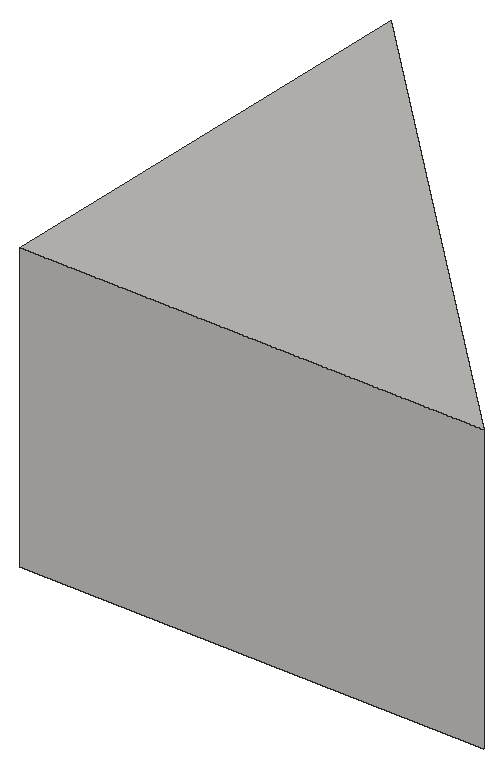
Revit family "Bench_Triangle_Noble", category Specialty Equipment, host Face, Revit 2017
Family settings
  Host = Face
  Round Connector Dimension = Use Diameter
  Part Type = Normal
  OmniClass Number = 23.45.55.21
  OmniClass Title = Drains (Wastes)
  Cut with Voids When Loaded = No
  Shared = No
  Room Calculation Point = No
Parameters (values of type "Large Triangular #402")
  Width = 32 1/2"
  URL = "www.noblecompany.com"
  Type Comments = ""
  Triangle = yes
  Tile [instance] = Stainless Steel - Brushed
  Product Properties = "http://www.noblecompany.com/Portals/0/PRODUCT%20INFO/Product%20Descriptions/FreeStyle%20Linear%20Drain%20Product%20Decription%200410.pdf"
  Product Data = "http://www.noblecompany.com/Products/ShowerProducts/tabid/59/Default.aspx"
  Model = ""
  Manufacturer Phone - Toll Free = "800-878-5788"
  Manufacturer Phone = "231-799-8000"
  Manufacturer Fax = "231-799-8850"
  Manufacturer Email = "mailto:sales@noblecompany.com"
  Manufacturer Address = "7300 Enterprise Drive, Spring Lake, MI  49456 USA"
  Manufacturer = "Noble Company"
  Length = 32 1/2"
  Installation-Fabrication = "http://www.noblecompany.com/Portals/0/PRODUCT%20INFO/Product%20Descriptions/FreeStyle%20Linear%20Drain%20Product%20Decription%200410.pdf"
  Height = 20"
  Description = "Freestyle 24 ABS - Wave Linear Drain"
  Building Codes = "http://www.noblecompany.com/Portals/0/TECHNICAL%20INFO/Listing_Testing_Certification_Reports/PMG-1065%20Noble%20Company%20Linear%20Drain%20final%202.pdf"
  Base = Polymer coated Expanded Polystyrene
  Assembly Code = "D2030300"
  Default Elevation = 0"
Types (2): name | Width | Length
  Large Triangular #402 | 32 1/2" | 32 1/2"
  Small Triangular #400 | 22" | 22"
Reference planes (in)
  plane 1 "Center (Front/Back)": y = 0
  plane 2: z = 0
  plane 3 "Center (Left/Right)": x = 0
  plane 4: x = 32.5
  plane 5: y = 32.5
  plane 6: z = 20
Forms (in)
  Extrusion 1, solid, material "Polymer coated Expanded Polystyrene" <- "Base"
    sketch origin (0, 0, 0) x (1, 0, 0) y (0, 1, 0)
      loop
        line (0, 0) -> (32.5, 0) -> (0, 32.5) -> (0, 0)
    from 0 to 20
Dimensions and locks (in)
  "Height": plane 6 to level
  "Length": plane 1 "Center (Front/Back)" to plane 5
  "Width": plane 3 "Center (Left/Right)" to plane 4
  aligned and locked: plane 2 to host face
  aligned and locked: level to host face
  aligned and locked: plane 1 "Center (Front/Back)" to Extrusion 1 sketch curve
  aligned and locked: plane 6 to Extrusion 1
Automatic sketch dimensions
  host sketch curve to host sketch curve = 56 1/2"
  host sketch curve to host sketch curve = 49.54642"
  Extrusion 1 sketch curve to plane 4 = 0"
  Extrusion 1 sketch curve to plane 5 = 0"
  Extrusion 1 sketch curve to plane 3 "Center (Left/Right)" = 0"
